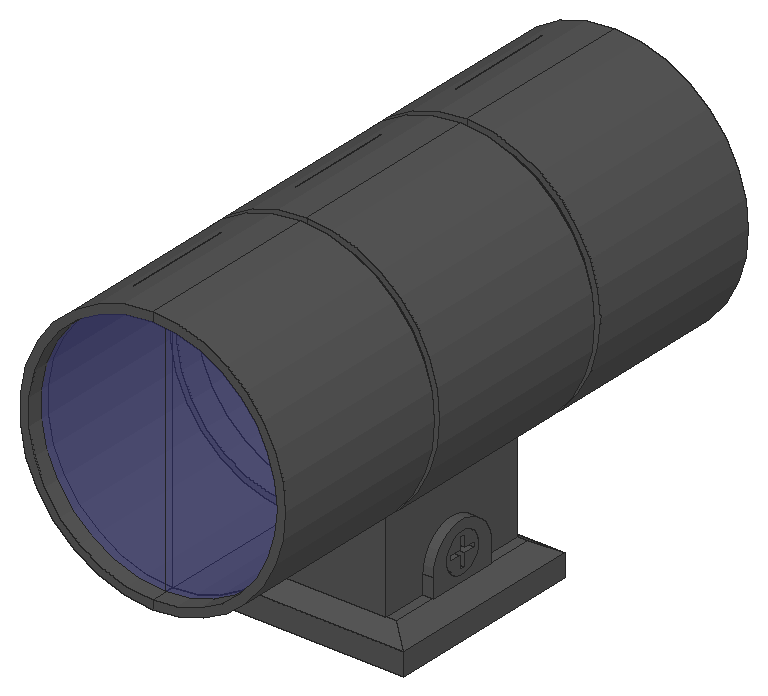
Revit family "CARLO CYLINDER LIGHT WALL MOUNT", category Lighting Fixtures, host Face, Revit 2020 (continued)
Types (10): name | Wattage_Input | Wattage Comments | Wattage | Photometric Web File | built-in parameter 1150142 | Model | built-in parameter 1150105 | Lumens | Light Length 1 | LIGHT RADIUS | LIGHT PLACEMENT | LIGHT LENGTH | LIGHT DIA | built-in parameter 1150106 | FIXED END HEIGHT | Curve base Height | Base Curve | BEAMING ANGLE | Apparent Load
    1.3041 \r\n 1.3651 1.4351 1.5107 1.5874 1.6727 1.7737 1.8868 2.0108 2.146 2.29 \r\n 2.4503 2.633 2.8408 3.0803 3.3466 3.6298 3.9512 4.3412 4.7633 5.1867 \r\n 5.6251 6.0792 6.5571 7.0739 7.6086 8.1415 8.6834 9.236 9.807 10.415 \r\n 11.029 11.612 12.198 12.816 13.443 14.05 14.681 15.36 16.108 16.934 \r\n 17.901 19.045 20.46 22.194 24.414 26.885 30.858 36.979 46.827 63.627 \r\n 83.096 101.79 120.42 137.97 156.12 177.41 198.32 215.95 231.03 243.16 \r\n 252.84 260.37 265.9 269.3 271.77 274.61 277.36 279.86 282.45 285.67 \r\n 288.8 291.13 293.18 295.25 297.24 299.1 300.96 302.99 305.06 306.95 \r\n 309.04 311.82 314.74 317.21 319.85 323.27 326.9 330.27 333.69 337.32 \r\n 341.21 345.39 350.01 355.03 360.98 368.24 377.2 388.16 401.9 419.06 \r\n 440.51 466.94 499.52 539.36 587.24 641.96 710.63 805.06 909.89 1012.1 \r\n 1116.5 1216.6 1333.5 1492.6 1674.7 1871.4 2074.9 2274.1 2471 2664.8 \r\n 2853.3 3037.1 3207 3354.4 3478.2 3573.5 3642.1 3679.3 3699.8 3718.4 \r\n 3733.6 \r\n3725 3712.8 3701.9 3693.2 3682.9 3671.5 3648.5 3603.8 3536.9 3442.7 \r\n 3324.7 3184.9 3023.7 2837 2640.6 2451.6 2261.4 2064.3 1867.9 1673.8 \r\n 1493.9 1345.2 1214.3 1094 983.25 875.6 779.59 704.51 641.67 584.78 \r\n 535.94 495.49 462.4 436.23 415.5 398.73 385.4 374.59 365.96 358.94 \r\n 353.28 348.63 344.71 341.09 337.78 334.54 331.55 329 326.66 324.37 \r\n 322.21 320.23 318.38 316.64 314.92 313.12 311.22 309.1 306.91 304.91 \r\n 302.78 300.24 297.54 294.93 292.17 289.01 285.65 282.2 278.58 274.73 \r\n 270.63 267.35 261.57 249.1 233.65 217.44 200.69 184.92 168.48 149.7 \r\n 130.19 111.09 92.17 72.676 55.341 43.073 34.586 30.29 28.016 25.512 \r\n 23.434 21.708 20.278 19.071 18.057 17.195 16.437 15.717 15.042 14.403 \r\n 13.777 13.133 12.493 11.872 11.264 10.666 10.079 9.5067 8.9437 8.3843 \r\n 7.8345 7.2966 6.7758 6.2792 5.8039 5.3483 4.9146 4.4995 4.1188 3.7934 \r\n 3.5041 3.2369 2.9965 2.7844 2.5963 2.4303 2.2807 2.1406 2.0123 1.8969 \r\n 1.7909 1.6901 1.5971 1.513 1.4373 1.3717 1.3103 1.2464 1.1847 1.1286 \r\n 1.0749 1.0207 0.9685 0.92032 0.87394 0.82666 0.78196 0.74349 0.7081 0.6742 \r\n 0.64082 0.60525 0.57105 0.5425 0.51482 0.48454 0.45374 0.42331 0.39344 0.3645 \r\n 0.33686 0.31189 0.28696 0.25861 0.23074 0.20777 0.1848 0.15643 0.12862 0.10659 \r\n 0.087127 0.06934 0.051576 0.029346 0.010275 0.0025564 0 0 0 0 \r\n 0 0 0 0 0 0 0.000000 0.0034759 0.010606 0.02341 \r\n 0.039836 0.058776 0.079415 0.10032 0.12224 0.1463 0.16989 0.18936 0.20907 0.23317 \r\n 0.25866 0.28423 0.30899 0.33066 0.35212 0.37559 0.40079 0.4286 0.45763 0.48703 \r\n 0.51594 0.54264 0.56885 0.59712 0.62779 0.66288 0.69997 0.73664 0.77484 0.8164 \r\n 0.85918 0.90098 0.94375 0.98836 1.0358 1.0882 1.1427 1.1963 1.2514 1.3078 \r\n 1.3695 1.4418 1.5204 1.6001 1.6891 1.795 1.9138 2.0432 2.185 2.3387 \r\n 2.5095 2.7019 2.9171 3.1575 3.425 3.7175 4.0502 4.4496 4.8799 5.3088 \r\n 5.7516 6.2098 6.692 7.2141 7.756 8.3005 8.855 9.4191 9.9997 10.61 \r\n 11.231 11.844 12.464 13.102 13.753 14.402 15.082 15.809 16.615 17.52 \r\n 18.577 19.81 21.332 23.226 25.606 28.202 32.259 38.533 48.227 63.959 \r\n 82.238 100.21 118.58 136.9 155.75 176.57 196.43 212.39 226 237.79 \r\n 247.96 257.27 264.66 268.65 271.26 274.21 276.98 279.51 282.08 285.06 \r\n 288.05 290.75 293.27 295.63 297.84 299.89 301.86 303.81 305.81 307.93 \r\n 310.26 313.04 315.87 318.27 320.81 324.08 327.58 330.9 334.31 337.96 \r\n 341.91 346.25 351.02 356.13 362.14 369.47 378.52 389.56 403.45 420.86 \r\n 442.65 469.56 502.68 543.11 591.59 647.41 716.11 806.8 908 1009.7 \r\n 1116.5 1224.4 1349.4 1511.5 1694.2 1890.6 2092.4 2287.7 2480.6 2672.2 \r\n 2860.2 3047.2 3220.2 3366.4 3487.5 3580.5 3646.7 3681.4 3700.2 3718.7 \r\n 3733.6 \r\n3725 3710.2 3698.3 3690.1 3679.4 3662.9 3632.9 3580.7 3505.4 3401.7 \r\n 3274.7 3127.5 2960.6 2770.7 2571.9 2379.4 2186.5 1988.8 1794 1603.6 \r\n 1431 1297.3 1181.4 1068.1 960.14 850.58 752.16 679.25 619.94 566.35 \r\n 520.77 483.21 452.67 428.62 409.61 394.18 381.84 371.7 363.53 356.9 \r\n 351.53 347.06 343.23 339.67 336.41 333.27 330.44 328.12 326.02 323.89 \r\n 321.82 319.81 317.93 316.31 314.71 312.96 311.05 308.84 306.52 304.34 \r\n 301.96 299.01 295.88 292.96 289.89 286.3 282.54 278.93 275.19 271.2 \r\n 266.92 263.24 257.28 245.58 230.75 213.84 195.96 178.99 161.69 143.15 \r\n 124.23 105.54 86.906 67.125 49.815 39.088 32.269 28.514 26.434 24.171 \r\n 22.293 20.775 19.527 18.454 17.541 16.759 16.057 15.372 14.719 14.102 \r\n 13.496 12.87 12.245 11.637 11.041 10.459 9.8875 9.3247 8.769 8.2158 \r\n 7.6718 7.1411 6.6278 6.1386 5.6699 5.218 4.7906 4.3914 4.0282 3.716 \r\n 3.4369 3.1752 2.9395 2.7364 2.5568 2.3939 2.2467 2.1119 1.9892 1.8784 \r\n 1.7761 1.6774 1.5868 1.5089 1.4385 1.372 1.3094 1.2497 1.1926 1.1376 \r\n 1.0836 1.0278 0.97423 0.92741 0.88253 0.83463 0.78857 0.74854 0.71156 0.67657 \r\n 0.64211 0.60488 0.5693 0.54048 0.51305 0.48377 0.45399 0.42368 0.39368 0.36469 \r\n 0.33713 0.31261 0.28813 0.25988 0.23188 0.20813 0.18499 0.15896 0.1337 0.1125 \r\n 0.093011 0.074132 0.055414 0.034366 0.016015 0.0055453 0 0 0 0 \r\n 0 0 0 0 0 0 0 0.001097 0.0053296 0.015617 \r\n 0.030413 0.050185 0.071812 0.091252 0.11172 0.13659 0.16138 0.18082 0.2006 0.22618 \r\n 0.25302 0.27827 0.30236 0.3238 0.34553 0.37062 0.39718 0.42411 0.45199 0.48163 \r\n 0.51114 0.53847 0.56505 0.59188 0.62095 0.65589 0.6928 0.72774 0.76444 0.80633 \r\n 0.85042 0.89466 0.93963 0.98423 1.0315 1.0854 1.142 1.1981 1.2553 1.3127 \r\n 1.3755 1.4501 1.5317 1.6148 1.7079 1.8192 1.944 2.0787 2.2274 2.392 \r\n 2.5745 2.7777 3.0015 3.2438 3.514 3.818 4.1639 4.5734 5.012 5.4472 \r\n 5.8954 6.3592 6.847 7.374 7.9223 8.4776 9.0442 9.6198 10.21 10.819 \r\n 11.445 12.086 12.739 13.395 14.065 14.756 15.484 16.255 17.115 18.095 \r\n 19.24 20.555 22.181 24.241 26.792 29.495 33.667 40.277 50.022 64.799 \r\n 81.975 99.306 117.53 136.87 156.63 176.85 195.49 209.73 221.88 233.39 \r\n 244.07 254.89 263.84 268.29 270.97 273.92 276.61 279.13 281.63 284.28 \r\n 287.07 290.11 293.11 295.75 298.18 300.45 302.58 304.48 306.45 308.86 \r\n 311.47 314.27 317.05 319.41 321.87 324.99 328.34 331.61 335.04 338.71 \r\n 342.73 347.22 352.16 357.36 363.47 370.91 380.1 391.31 405.44 423.21 \r\n 445.49 473.03 506.89 548.12 597.43 654.64 723.55 810.34 907.65 1008.5 \r\n 1117.9 1235.1 1369.7 1535.5 1719.3 1915.4 2115.2 2306.5 2495.4 2684.3 \r\n 2871.4 3061.5 3237.3 3381.4 3499 3588.9 3652.2 3684 3700.8 3719.2 \r\n 3733.6 \r\n3725 3708.2 3695.3 3687.5 3675.8 3653.9 3616.5 3556.6 3472.9 3359.8 \r\n 3224 3069.9 2897.8 2705.2 2504.5 2308.8 2113.4 1915.5 1722.6 1536.4 \r\n 1371.3 1251.4 1148.9 1041.7 936.1 825.86 726.34 655.51 599.3 548.9 \r\n 506.52 471.76 443.66 421.58 404.15 389.95 378.52 368.99 361.25 354.99 \r\n 349.87 345.53 341.77 338.25 335.02 331.99 329.3 327.18 325.27 323.24 \r\n 321.21 319.11 317.14 315.58 314.07 312.31 310.35 308.08 305.65 303.27 \r\n 300.63 297.35 293.88 290.69 287.36 283.46 279.45 275.75 271.99 268 \r\n 263.65 259.52 253.3 242.39 228.21 210.69 191.75 173.56 155.33 136.94 \r\n 118.51 100.13 81.737 61.902 44.849 35.621 30.335 26.99 24.993 22.945 \r\n 21.263 19.929 18.84 17.885 17.063 16.348 15.695 15.039 14.405 13.805 \r\n 13.214 12.605 11.996 11.399 10.814 10.246 9.6875 9.1341 8.5857 8.0377 \r\n 7.499 6.9763 6.4717 5.9903 5.5291 5.0825 4.6628 4.2804 3.9352 3.6356 \r\n 3.3662 3.1104 2.88 2.6856 2.514 2.3545 2.2098 2.0804 1.9634 1.8571 \r\n 1.7586 1.6626 1.5749 1.5029 1.4374 1.37 1.3062 1.2506 1.1979 1.1439 \r\n 1.0895 1.0325 0.97796 0.93238 0.88881 0.84044 0.79327 0.75201 0.71377 0.6778 \r\n 0.64235 0.60377 0.56709 0.53803 0.51081 0.48255 0.45378 0.42364 0.39359 0.36468 \r\n 0.33726 0.31308 0.28892 0.2608 0.23276 0.2083 0.18506 0.16139 0.13865 0.11811 \r\n 0.098439 0.078561 0.059055 0.039341 0.021822 0.0085838 0 0 0 0 \r\n 0 0 0 0 0 0 0 0 0.0012528 0.0093098 \r\n 0.022597 0.043149 0.065691 0.083807 0.10295 0.12846 0.15428 0.17392 0.19401 0.22092 \r\n 0.24893 0.27388 0.29741 0.31886 0.34108 0.36782 0.39571 0.42185 0.44864 0.47839 \r\n 0.50843 0.53651 0.56365 0.58923 0.61687 0.65176 0.68863 0.72217 0.75765 0.79978 \r\n 0.84501 0.89165 0.93887 0.98359 1.0308 1.0863 1.145 1.2034 1.263 1.3216 \r\n 1.3857 1.4626 1.5472 1.6338 1.7311 1.8476 1.978 2.1178 2.2729 2.4482 \r\n 2.6424 2.8565 3.0893 3.3348 3.6089 3.9251 4.2845 4.7033 5.1495 5.5909 \r\n 6.045 6.5158 7.0104 7.5418 8.0954 8.6601 9.2373 9.824 10.422 11.028 \r\n 11.655 12.322 13.005 13.673 14.36 15.087 15.859 16.668 17.572 18.617 \r\n 19.836 21.222 22.941 25.157 27.87 30.655 34.956 42.03 52.015 66.077 \r\n 82.387 99.233 117.43 137.88 158.59 178.24 195.7 208.42 219.29 230.58 \r\n 241.64 253.5 263.48 268.21 270.89 273.73 276.26 278.74 281.16 283.45 \r\n 285.97 289.33 292.78 295.65 298.27 300.77 303.08 304.97 306.96 309.67 \r\n 312.59 315.44 318.19 320.55 322.97 325.93 329.11 332.36 335.81 339.51 \r\n 343.58 348.21 353.31 358.63 364.85 372.43 381.8 393.24 407.69 425.91 \r\n 448.77 477.06 511.79 553.95 604.24 662.94 732.24 815.63 909.47 1009.4 \r\n 1121.1 1247.8 1392.4 1562.2 1747.2 1942.9 2140.9 2328.9 2514.2 2700.6 \r\n 2886.6 3078.8 3256.4 3397.9 3511.5 3597.8 3657.7 3686.6 3701.5 3719.5 \r\n 3733.6 \r\n3725 3707.6 3693.7 3685.7 3672.5 3645.4 3601 3533.3 3441.3 3319.6 \r\n 3175.8 3015.6 2838.9 2643.6 2441.1 2243.2 2046.7 1849.4 1659 1477.4 \r\n 1318.9 1208.8 1115.3 1012.1 908.67 800.61 703.15 634.86 581.37 533.85 \r\n 494.26 461.93 435.93 415.52 399.43 386.28 375.66 366.72 359.4 353.45 \r\n 348.55 344.32 340.61 337.11 333.91 330.96 328.37 326.32 324.44 322.41 \r\n 320.33 318.06 315.91 314.31 312.77 310.9 308.82 306.53 304.04 301.44 \r\n 298.56 295.19 291.65 288.32 284.87 280.98 277.05 273.45 269.85 266.15 \r\n 261.94 257.35 250.68 240.02 226.04 207.92 188.12 168.93 149.9 131.51 \r\n 113.32 94.964 76.716 57.307 40.967 33.018 28.914 25.885 23.935 22.049 \r\n 20.513 19.315 18.339 17.469 16.707 16.032 15.403 14.765 14.143 13.548 \r\n 12.961 12.364 11.768 11.177 10.596 10.035 9.4852 8.9376 8.3941 7.8501 \r\n 7.3162 6.8019 6.3066 5.8337 5.3812 4.9437 4.5347 4.1675 3.8376 3.5497 \r\n 3.2899 3.0412 2.8173 2.631 2.4667 2.3111 2.1697 2.0452 1.9332 1.8306 \r\n 1.7355 1.6428 1.5586 1.4907 1.4283 1.3603 1.2957 1.2428 1.193 1.1396 \r\n 1.0851 1.028 0.97354 0.92869 0.88579 0.83729 0.7898 0.74848 0.71014 0.67383 \r\n 0.63802 0.59918 0.56231 0.53316 0.50604 0.47841 0.45033 0.42042 0.3905 0.36182 \r\n 0.33461 0.3105 0.28641 0.25849 0.23061 0.20583 0.18266 0.16072 0.13976 0.1195 \r\n 0.099595 0.079296 0.059614 0.041008 0.02438 0.010107 0.00021294 0 0 0 \r\n 0 0 0 0 0.000006 0.00020887 0.0005033 0 0.0012388 0.0084196 \r\n 0.021037 0.042153 0.065269 0.082693 0.10107 0.12668 0.15292 0.17311 0.19384 0.22154 \r\n 0.25015 0.27497 0.29836 0.32026 0.34321 0.37106 0.3998 0.42557 0.45179 0.48162 \r\n 0.51204 0.54086 0.5687 0.59392 0.62114 0.65723 0.69387 0.72729 0.76269 0.8052 \r\n 0.85133 0.89997 0.94915 0.99438 1.0421 1.0992 1.1599 1.2204 1.2818 1.3417 \r\n 1.4071 1.4862 1.5733 1.6629 1.7636 1.8838 2.018 2.1612 2.3207 2.5036 \r\n 2.7062 2.9277 3.1673 3.4179 3.6976 4.023 4.3913 4.8149 5.265 5.7109 \r\n 6.1703 6.649 7.151 7.6862 8.2432 8.8141 9.3986 9.9943 10.599 11.201 \r\n 11.826 12.509 13.211 13.886 14.582 15.333 16.133 16.963 17.891 18.968 \r\n 20.227 21.656 23.435 25.752 28.572 31.388 35.796 43.313 53.677 67.609 \r\n 83.681 100.4 118.69 139.87 161.22 180.67 197.59 209.66 219.95 231.01 \r\n 241.99 253.77 263.71 268.39 270.97 273.6 275.94 278.41 280.8 282.8 \r\n 285.11 288.69 292.45 295.42 298.12 300.81 303.29 305.22 307.28 310.24 \r\n 313.42 316.32 319.06 321.47 323.9 326.73 329.78 333 336.47 340.19 \r\n 344.31 349.01 354.21 359.62 365.96 373.69 383.25 394.95 409.74 428.4 \r\n 451.82 480.84 516.38 559.44 610.64 670.44 740.3 822.54 915.07 1014.1 \r\n 1127 1260.5 1412.3 1584.9 1770.8 1965.9 2162.6 2349.9 2534.5 2719.6 \r\n 2904.3 3096.1 3272.8 3411.5 3521.6 3604.5 3661.4 3688.2 3701.8 3719.7 \r\n 3733.6 \r\n3725 3708.5 3693.8 3684.9 3669.7 3637.7 3586.7 3511.2 3411 3281.5 \r\n 3130.7 2965.3 2784.5 2586.4 2382.1 2183.5 1987.3 1791.7 1604.2 1427.7 \r\n 1274.8 1169.5 1080.2 978.79 877.4 774.69 682.78 617.58 566.44 521.45 \r\n 484.18 453.88 429.59 410.51 395.48 383.2 373.28 364.91 358.02 352.35 \r\n 347.62 343.47 339.78 336.3 333.11 330.24 327.68 325.55 323.55 321.41 \r\n 319.16 316.63 314.22 312.45 310.76 308.67 306.42 304.14 301.66 298.8 \r\n 295.72 292.52 289.22 285.89 282.49 278.97 275.47 272.2 268.93 265.83 \r\n 261.99 256.96 249.61 238.58 224.21 205.53 185.08 165.15 145.52 126.94 \r\n 108.7 90.077 71.853 53.396 38.266 31.345 28.031 25.231 23.306 21.522 \r\n 20.076 18.957 18.048 17.224 16.491 15.823 15.194 14.561 13.942 13.338 \r\n 12.743 12.153 11.565 10.973 10.39 9.8305 9.2817 8.7356 8.1942 7.6528 \r\n 7.1235 6.6176 6.1323 5.6686 5.2262 4.8019 4.407 4.0529 3.7353 3.458 \r\n 3.2075 2.9675 2.7513 2.5724 2.4146 2.2636 2.1263 2.0064 1.8984 1.7986 \r\n 1.7061 1.6178 1.5375 1.4716 1.4102 1.342 1.2771 1.2253 1.1766 1.1233 \r\n 1.0689 1.0131 0.9598 0.91512 0.87218 0.82394 0.777 0.7369 0.69979 0.66393 \r\n 0.62848 0.59059 0.55458 0.52549 0.49832 0.47089 0.4431 0.41351 0.38391 0.35562 \r\n 0.32865 0.30436 0.28007 0.25242 0.2249 0.20024 0.17735 0.1564 0.13632 0.11593 \r\n 0.095761 0.075714 0.05655 0.038787 0.023067 0.0095575 0.00020697 0 0 0 \r\n 0 0 0 0 0.000020 0.00067547 0.0018275 0.0026399 0.0058241 0.013669 \r\n 0.026606 0.04804 0.071339 0.088795 0.10704 0.13214 0.15812 0.17921 0.20096 0.22881 \r\n 0.25737 0.28228 0.30598 0.32883 0.35277 0.3811 0.4101 0.43597 0.46223 0.49211 \r\n 0.52275 0.55229 0.58095 0.60673 0.63445 0.671 0.70899 0.7441 0.78113 0.82423 \r\n 0.87094 0.92111 0.97192 1.0181 1.0668 1.1256 1.1882 1.2503 1.3133 1.3744 \r\n 1.4411 1.522 1.6114 1.7034 1.8063 1.9284 2.0645 2.2091 2.3706 2.5573 \r\n 2.7643 2.9893 3.2332 3.4909 3.7778 4.1086 4.4805 4.9038 5.3533 5.8017 \r\n 6.2656 6.7527 7.2629 7.801 8.3597 8.9334 9.5213 10.124 10.733 11.33 \r\n 11.951 12.64 13.349 14.024 14.722 15.482 16.292 17.125 18.054 19.128 \r\n 20.387 21.828 23.63 25.986 28.847 31.639 36.126 44.036 54.91 69.359 \r\n 85.898 102.9 121.4 142.85 164.46 184.11 201.25 213.69 224.17 234.99 \r\n 245.34 255.85 264.54 268.81 271.23 273.54 275.63 278.14 280.58 282.4 \r\n 284.55 288.25 292.15 295.07 297.72 300.54 303.19 305.23 307.4 310.56 \r\n 313.91 316.86 319.63 322.12 324.62 327.36 330.32 333.52 337 340.73 \r\n 344.87 349.58 354.79 360.29 366.75 374.62 384.38 396.35 411.5 430.59 \r\n 454.53 484.21 520.49 564.37 616.37 676.78 747.37 831.06 924.74 1023 \r\n 1135.7 1272.7 1428.3 1602.5 1788.8 1982.9 2179 2368.7 2555.8 2740.9 \r\n 2924.1 3112.7 3285.6 3421.4 3528.7 3608.6 3663 3688.6 3701.7 3719.4 \r\n 3733.6 \r\n3725 3710.5 3694.9 3684.8 3667 3630 3572.5 3489.1 3380.7 3243.9 \r\n 3086.8 2916.7 2732.5 2531.7 2326 2127.4 1932.4 1739 1555 1384 \r\n 1236.2 1133 1044.6 943.45 843.82 748.6 664.59 602.71 553.5 510.83 \r\n 475.63 447.1 424.28 406.3 392.13 380.59 371.27 363.43 356.95 351.53 \r\n 346.92 342.82 339.13 335.65 332.47 329.65 327.1 324.8 322.57 320.22 \r\n 317.74 314.88 312.13 310.12 308.19 305.8 303.32 301.09 298.67 295.52 \r\n 292.24 289.38 286.51 283.27 280.03 277.1 274.29 271.48 268.69 266.41 \r\n 263.12 257.61 249.45 237.75 222.75 203.55 182.59 162.04 141.84 122.96 \r\n 104.5 85.389 67.114 49.982 36.42 30.384 27.605 24.923 22.954 21.231 \r\n 19.845 18.768 17.888 17.085 16.361 15.679 15.031 14.396 13.774 13.152 \r\n 12.542 11.954 11.373 10.777 10.188 9.6246 9.0734 8.5265 7.9858 7.446 \r\n 6.9208 6.4239 5.9495 5.4954 5.0643 4.656 4.2774 3.936 3.6294 3.3618 \r\n 3.1205 2.8899 2.6825 2.5105 2.3585 2.2126 2.0798 1.9642 1.8601 1.7624 \r\n 1.6724 1.589 1.5133 1.4483 1.3866 1.3183 1.2534 1.2018 1.1533 1.0998 \r\n 1.0457 0.99192 0.9406 0.89575 0.85233 0.8046 0.75876 0.7207 0.68561 0.6506 \r\n 0.6159 0.57971 0.5452 0.51627 0.48897 0.46154 0.43385 0.40463 0.37549 0.34772 \r\n 0.32107 0.29639 0.27171 0.24438 0.21737 0.19309 0.17061 0.1503 0.13066 0.10985 \r\n 0.089325 0.069894 0.051667 0.034694 0.019957 0.0081006 0.00018482 0 0 0 \r\n 0 0 0 0 0.000040 0.0012072 0.0035753 0.0071697 0.013219 0.022607 \r\n 0.036396 0.058004 0.081263 0.099168 0.11766 0.14186 0.16718 0.18946 0.21251 0.24013 \r\n 0.26826 0.29336 0.31766 0.3418 0.36696 0.39548 0.42445 0.4507 0.47734 0.50719 \r\n 0.53793 0.56824 0.59787 0.62458 0.65303 0.69056 0.73082 0.76849 0.80779 0.85153 \r\n 0.89861 0.95007 1.0024 1.0498 1.0999 1.1604 1.2248 1.2884 1.3527 1.415 \r\n 1.4832 1.566 1.6573 1.7514 1.8562 1.9794 2.116 2.2609 2.4231 2.6119 \r\n 2.8214 3.048 3.295 3.5614 3.857 4.1919 4.5649 4.9851 5.4315 5.8814 \r\n 6.3499 6.8464 7
